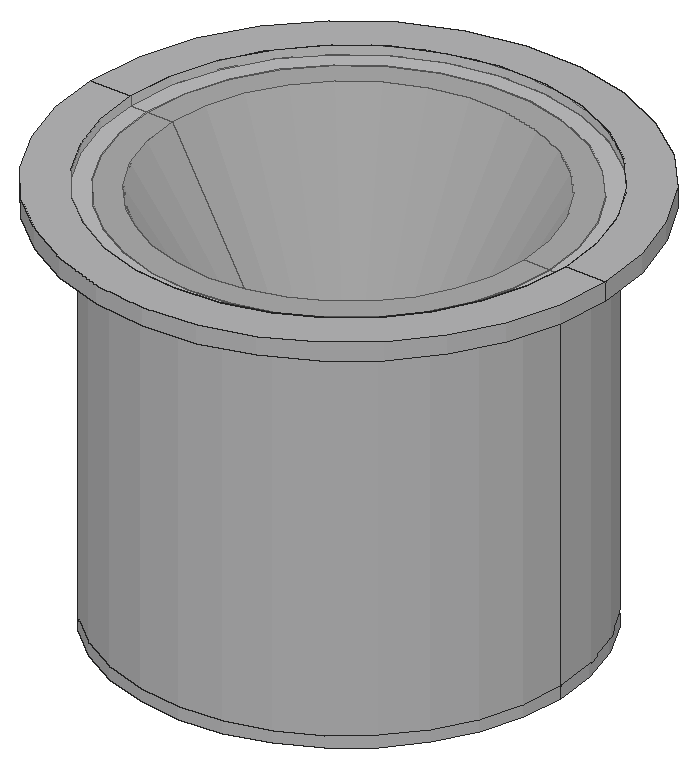
Revit family "2049525 Lighting Fixture_Sylvania_Myriad V LED_Ceiling Recessed", category Lighting Fixtures, host Face, Revit 2015
Parameters (values of type "MYRIAD SS IP65 3000K DIM WH")
  Weight = 0.39 kg
  Wattage = 13.8318 W
  built-in parameter 1150110 = 1 (stored number, unit not read)
  Voltage Comments = "UNV (Universal Voltage; 220-240 Volt)"  # constant formula
  Voltage = 240 V  # constant formula
  URL = ""
  built-in parameter 1114217 = 1 (stored number, unit not read)
  Tilt Angle = -90.00°  # constant formula
  built-in parameter 1150109 = 1 (stored number, unit not read)
  built-in parameter 1150134 = (empty or 0)
  built-in parameter 1150113 = 1 (stored number, unit not read)
  Reflector Material = Steel_Sylvania_Myrad V LED_Chrome
  Recessed Depth = 72.0 mm
  Photometric Web File = "2049525_MYRIADVGlassWhiteBezelLED16W3K30deg+Dimmable-89337.ies"
  Product Page URL = ""
  Product Family = "MYRIAD V LED - IP65 GLASS WHITE BEZEL"  # constant formula
  Photometry Comments = ""
  built-in parameter 1150105 = 1452.6 (stored number, unit not read)
  Lumens = 936 lm
  built-in parameter 1150115 = 1 (stored number, unit not read)
  built-in parameter 1150137 = (empty or 0)
  built-in parameter 1150139 = (empty or 0)
  Life = "50 000h"  # constant formula
  built-in parameter 1150112 = 1 (stored number, unit not read)
  built-in parameter 1150114 = 1 (stored number, unit not read)
  Lamp Comments = "15W Citizen Citiled neutral 3000K"
  LOR = "100%"
  Inner Radius = Cutout Radius - 2.0 mm  # 36.0 mm
  built-in parameter 1150132 = 2
  built-in parameter 1150102 = (empty or 0)
  built-in parameter 1150107 = 3000 (stored number, unit not read)
  built-in parameter 1150138 = (empty or 0)
  built-in parameter 1150106 = 14.526 (stored number, unit not read)
  Energy Class = "A++A+A"  # constant formula
  Emit from Circle Diameter = Diffuser Diameter  # 78.0 mm
  Emit Shape Visible in Rendering = no
  built-in parameter 1150104 = 6.2867 (stored number, unit not read)
  Dimming Range = "Dimmable"  # constant formula
  Dimming Lamp Color Temperature Shift = <None>
  Diffuser Diameter = Cutout Diameter + 2.0 mm  # 78.0 mm
  Diameter = Cutout Diameter  # 76.0 mm
  Cutout Radius = Cutout Diameter / 2  # 38.0 mm
  Cutout Diameter = 76.0 mm
  Control Gear Type = "Electronic"
  Color Filter = 16777215
  Catalog Number = "2049525 MYRIAD SS IP65 3000K DIM WH"
  Body Material = Aluminum_Sylvania_Myrad V LED_Silver
  Beam Angle = 30.00°  # constant formula
  built-in parameter 1114218 = 1 (stored number, unit not read)
  built-in parameter 1150133 = 10 (stored number, unit not read)
  IP Rating = "IP65"  # constant formula
  Electrical Protection = "CLASS II"  # constant formula
  built-in parameter 1114216 [instance] = 1 (stored number, unit not read)
  Model = "MYRIAD SS IP65 3000K DIM WH"
  Manufacturer = "Feilo-Sylvania Group"
  Lamp = "Integrated LED"
  Diffuser Material = Polycarbonate_Sylvania_Myrad V LED_Clear
  Description = "New high output high efficiency LED downlight modules. IR/UV free light source without heat radiation. Energy efficient light source with far superior luminous flux per watt than existing Low Voltage Halogen. Long life up to 50K hours, fit and forget maintenance free lighting solution. Dimmable options including DALI as standard. IP44 & IP65 versions as standard options. New range of Architectural accessories each providing a different lit dimension. Choice of colour temperatures warm 3000K and neutral 4000K. Luminaires supplied complete with LED drivers. Emergency versions passes through cut out. New completely flush plaster up accessory ring for clean ceiling lines and smooth finish. Total circuit power I5W"  # constant formula
  Default Elevation = 0.0 mm
  built-in parameter 1140040 [instance] = 1
  Assembly Code = "D5020200"
  Apparent Load Comments = ""
  Apparent Load = 15 VA
Reference planes
  plane 1 "Center (Front/Back)": y = 0
  plane 2: z = 0
  plane 3 "Center (Left/Right)": x = 0
  plane 4 "Fixture Bottom": z = 3
  plane 5 "Diffuser": z = 1.454
  plane 6 "Housing Top": z = -66.546
  plane 7 "Housing Thickness": z = -64.546
  plane 8 "Reflector Top": z = -33.546
  plane 9 "Fixture Top": z = -72
Forms (mm)
  Extrusion 1, void
    sketch origin (0, 0, 58) x (-1, 0, 0) y (0, -1, 0)
      loop
        circle (0, 0) r 38
    from -124.546 to -55
  Revolve 2, solid, material "Aluminum_Sylvania_Myrad V LED_Silver" <- "Body Material", detail levels fine
    sketch origin (0, 0, 0) x (1, 0, 0) y (0, 0, 1)
      loop
        line (-46.021, 3) -> (-46.021, 0) -> (-38, 0) -> (-38, -64.546) -> (-36.037, -64.546) -> (-36.037, 1.454) -> (-39, 1.454) -> (-39, 3) -> (-46.021, 3)
      axis (0, 3) -> (0, -64.546)
    angle from 0 to 360
  Extrusion 3, solid, material "Aluminum_Sylvania_Myrad V LED_Silver" <- "Body Material", detail levels fine
    sketch origin (0, 0, 58) x (-1, 0, 0) y (0, -1, 0)
      loop
        circle (0, 0) r 38
    from -124.546 to -122.546
  Revolve 4, solid, material "Steel_Sylvania_Myrad V LED_Chrome" <- "Reflector Material", detail levels fine
    sketch origin (0, 0, 0) x (1, 0, 0) y (0, 0, 1)
      loop
        line (-36, -33.546) -> (0, -33.546) -> (0, -31.083) -> (-12.669, -31.083) -> (-31.5, 1.454) -> (-36, 1.454) -> (-36, -33.546)
      axis (0, 1.454) -> (0, -33.546)
    angle from 0 to 360
  Extrusion 5, solid, material "Polycarbonate_Sylvania_Myrad V LED_Clear" <- "Diffuser Material", detail levels fine
    sketch origin (0, 0, 58) x (-1, 0, 0) y (0, -1, 0)
      loop
        circle (0, 0) r 39
    from -56.546 to -55
  Revolve 6, solid, material "Aluminum_Sylvania_Myrad V LED_Silver" <- "Body Material", detail levels coarse+medium
    sketch origin (0, 0, 0) x (1, 0, 0) y (0, 0, 1)
      loop
        line (-46.021, 3) -> (-46.021, 0) -> (-38, 0) -> (-38, -72) -> (0, -72) -> (0, 3) -> (-46.021, 3)
      axis (0, 3) -> (0, -72)
    angle from 0 to 360
  Revolve 7, solid
    sketch origin (0, 0, 0) x (1, 0, 0) y (0, 0, 1)
      loop
        line (-28, -66.546) -> (-28, -70)
        arc (-28, -70) -> (-27.414, -71.414) -> (-26, -72) r 2
        line (-26, -72) -> (-4.499, -72) -> (-4.499, -66.546) -> (-28, -66.546)
      axis (-4.499, -66.546) -> (-4.499, -72)
    angle from 0 to 360
Cuts and joins
  joined: Revolve 2, Extrusion 3
Dimensions and locks
  locked: plane 4 "Fixture Bottom" to plane 2 at 3
  locked: plane 5 "Diffuser" to plane 2 at 1.454
  "Cutout Radius": plane 3 "Center (Left/Right)" to Revolve 2 sketch curve
  locked: Revolve 2 sketch curve to Revolve 2 sketch curve at 1.963
  locked: Revolve 2 sketch curve to Revolve 2 sketch curve at 8.021
  locked: Revolve 4 sketch curve to Revolve 4 sketch curve at 2.463
  locked: Revolve 2 sketch curve to Revolve 2 sketch curve at 1
  "Inner Radius": plane 3 "Center (Left/Right)" to Revolve 4 sketch curve
  locked: Revolve 4 sketch curve to Revolve 4 sketch curve at 4.5
  locked: Revolve 4 sketch curve to Revolve 4 sketch curve at 23.331
  locked: plane 5 "Diffuser" to plane 8 "Reflector Top" at 35
  locked: Revolve 6 sketch curve to Revolve 6 sketch curve at 8.021
  "Cutout Radius": Revolve 6 sketch curve to imposter light
  "Recessed Depth": plane 2 to plane 9 "Fixture Top"
  locked: Revolve 7 sketch curve to imposter light at 4.499
  imposter light to Revolve 7 sketch curve = 28.0 mm
  plane 7 "Housing Thickness" to plane 6 "Housing Top" to plane 9 "Fixture Top" = 2.0 mm locked, 5.454 mm locked
  "Cutout Diameter": diameter of Extrusion 1 sketch curve
  "Cutout Diameter": diameter of Extrusion 3 sketch curve
  "Diffuser Diameter": diameter of Extrusion 5 sketch curve
  aligned and locked: host face to plane 2
  aligned and locked: level to host face
  aligned and locked: Revolve 2 sketch curve to plane 4 "Fixture Bottom"
  aligned and locked: Revolve 2 sketch curve to plane 5 "Diffuser"
  aligned and locked: Revolve 2 sketch curve to plane 2
  aligned and locked: Revolve 2 sketch curve to plane 3 "Center (Left/Right)"
  aligned and locked: plane 7 "Housing Thickness" to Extrusion 3
  aligned and locked: Extrusion 3 to plane 6 "Housing Top"
  aligned and locked: Revolve 2 sketch curve to plane 7 "Housing Thickness"
  aligned and locked: Revolve 4 sketch curve to plane 5 "Diffuser"
  aligned and locked: Revolve 4 sketch curve to plane 3 "Center (Left/Right)"  (x2)
  aligned and locked: Extrusion 5 to plane 5 "Diffuser"
  aligned and locked: plane 4 "Fixture Bottom" to Extrusion 5
  aligned and locked: Revolve 4 sketch curve to plane 8 "Reflector Top"
  aligned and locked: imposter light to plane 3 "Center (Left/Right)"
  aligned and locked: imposter light to plane 4 "Fixture Bottom"
  aligned and locked: imposter light to plane 1 "Center (Front/Back)"
  aligned and locked: Revolve 6 sketch curve to imposter light  (x2)
  aligned and locked: Revolve 6 sketch curve to plane 2
  aligned and locked: imposter light to Extrusion 1
  aligned and locked: Extrusion 1 to plane 6 "Housing Top"
  aligned and locked: Revolve 7 sketch curve to plane 6 "Housing Top"
  aligned and locked: Revolve 7 sketch curve to plane 9 "Fixture Top"
  aligned and locked: Revolve 7 sketch curve to Revolve 7 sketch curve
  aligned and locked: Revolve 6 sketch curve to plane 9 "Fixture Top"
Automatic sketch dimensions
  host sketch curve to host sketch curve = 345.0 mm
  host sketch curve to host sketch curve = 280.0 mm
  Revolve 7 sketch curve to plane 6 "Housing Top" = 0.0 mm
  Revolve 7 sketch curve to Revolve 7 sketch curve = 2.0 mm
  Revolve 7 sketch curve to plane 9 "Fixture Top" = 8.594 mm
  plane 1 "Center (Front/Back)" to Extrusion 1 sketch curve = 0.0 mm
  Extrusion 1 sketch curve to plane 3 "Center (Left/Right)" = 0.0 mm
  plane 8 "Reflector Top" to Revolve 2 sketch curve = 16.453 mm
  plane 4 "Fixture Bottom" to Revolve 2 sketch curve = 14.907 mm
  plane 1 "Center (Front/Back)" to Extrusion 3 sketch curve = 0.0 mm
  Extrusion 3 sketch curve to plane 3 "Center (Left/Right)" = 0.0 mm
  plane 4 "Fixture Bottom" to Revolve 4 sketch curve = 9.307 mm
  Revolve 4 sketch curve to Revolve 4 sketch curve = 25.0 mm
  plane 1 "Center (Front/Back)" to Extrusion 5 sketch curve = 0.0 mm
  Extrusion 5 sketch curve to plane 3 "Center (Left/Right)" = 0.0 mm
  Revolve 6 sketch curve to plane 3 "Center (Left/Right)" = 0.0 mm
  plane 8 "Reflector Top" to Revolve 6 sketch curve = 16.453 mm
  Revolve 6 sketch curve to Revolve 6 sketch curve = 14.907 mm
Connectors
  electrical at (0, 0, -72), driven by "Voltage", driven by "Apparent Load"
    settings: index 1, voltage 240 V, apparent load 0 VA, apparent load phase1 15 VA, apparent load phase2 0 VA, apparent load phase3 0 VA, power factor 1, load classification "Lighting", number of poles 1, system type 31, power factor state 1, is connector primary yes, connector utility no, sub classification motor no, connector description ""
